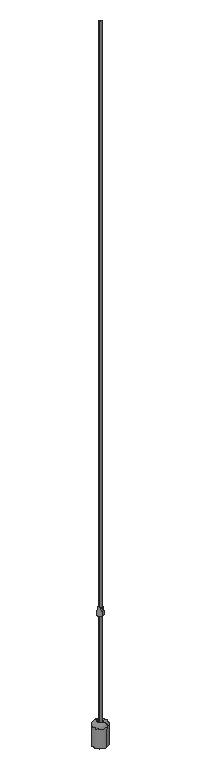
Revit family "Floral 800", category Lighting Fixtures, host Ceiling, Revit 2017
Family settings
  Host = Ceiling
  Round Connector Dimension = Use Diameter
  Part Type = Normal
  OmniClass Number = 23.80.70.11
  OmniClass Title = Luminaries for Internal Lighting
  Always vertical = Yes
  Cut with Voids When Loaded = No
  Light Source = Yes
  Shared = No
  Room Calculation Point = No
Parameters (values of type "Generic")
  Wattage Comments = "110V(US) / 230-240V(EU). Lamp NOT provided."
  Wattage = 6.7321 W
  built-in parameter 1150110 = 1 (stored number, unit not read)
  URL = "https://www.davidtrubridge.com"
  Type Comments = "Ceilig Rose required, contact supplier for options."
  built-in parameter 1114217 = 1 (stored number, unit not read)
  built-in parameter 1150109 = 1 (stored number, unit not read)
  built-in parameter 1150134 = (empty or 0)
  Suspension Top [instance] = Suspension Mid - 400 mm  # 1600 mm
  built-in parameter 1150113 = 1 (stored number, unit not read)
  Model = "Floral 800"
  Manufacturer = "David Trubridge"
  Lumens = 1000 lm
  built-in parameter 1150115 = 1 (stored number, unit not read)
  built-in parameter 1150105 = 79.577 (stored number, unit not read)
  Suspension Mid [instance] = 2000 mm
  Light Source Symbol Size = 100 mm
  built-in parameter 1150137 = (empty or 0)
  built-in parameter 1150139 = (empty or 0)
  Lamp Wattage = 0 W
  built-in parameter 1150112 = 1 (stored number, unit not read)
  built-in parameter 1150114 = 1 (stored number, unit not read)
  Lamp = "E27 / (E26 USA)"
  built-in parameter 1150132 = 2
  built-in parameter 1150102 = (empty or 0)
  built-in parameter 1150138 = (empty or 0)
  built-in parameter 1150107 = 3000 (stored number, unit not read)
  built-in parameter 1150106 = 0.79577 (stored number, unit not read)
  built-in parameter 1150104 = 13.8 (stored number, unit not read)
  Dimming Lamp Color Temperature Shift = <None>
  Description = "Pendant in bamboo plywood. Can be made in a large range of colours. Lamp is not supplied"
  Cordset Finish = Plastic, Opaque White
  Color Filter = 16777215
  built-in parameter 1114218 = 1 (stored number, unit not read)
  built-in parameter 1150133 = 10 (stored number, unit not read)
  Apparent Load = 0 VA
Reference planes
  plane 1 "Light Source Axis (F/B)": y = 0
  plane 2: z = 0
  plane 3 "Light Source Axis (L/R)": x = 0
  plane 4 "Ceiling": z = 4000
  plane 5 "Light Source Elevation": z = 2000
  plane 6 "Top of pendant": z = 2400
  plane 7 "Light Socket": z = 2050
  plane 8 "Outer edge": x = -400
  plane 9 "Outer Edge": x = 400
  plane 10 "Bottom of Pendant": z = 1600
Forms (mm)
  Revolve 1, solid, material "Plastic, Opaque White" <- "Cordset Finish"
    sketch origin (0, 0, -205) x (1, 0, 0) y (0, 0, 1)
      loop
        line (0, 2317) -> (0, 2255) -> (20, 2255) -> (20, 2307)
        arc (20, 2307) -> (17.071, 2314.071) -> (10, 2317) r 10
        line (10, 2317) -> (0, 2317)
      axis (0, 2255) -> (0, 2317)
    angle from 0 to 360
  Extrusion 2, solid, material "Plastic, Opaque White" <- "Cordset Finish"
    sketch origin (0, 0, 3200) x (0, 1, 0) y (-1, 0, 0)
      loop
        circle (0, 0) r 3
    from -800 to 800
  Extrusion 3, solid, material "Plastic, Opaque White" <- "Cordset Finish"
    sketch origin (0, 0, 3200) x (0, 1, 0) y (-1, 0, 0)
      loop
        circle (0, 0) r 3
    from -1150 to -800
  Revolve 4, solid, material "Plastic, Opaque White" <- "Cordset Finish"
    sketch origin (0, 0, -40) x (1, 0, 0) y (0, 0, 1)
      loop
        line (0, 2460) -> (0, 2440) -> (7.5, 2440) -> (5, 2460) -> (0, 2460)
      axis (0, 2440) -> (0, 2460)
    angle from 0 to 360
Dimensions and locks
  equal spacing: host sketch curve, plane 3 "Light Source Axis (L/R)", host sketch curve
  equal spacing: host sketch curve, plane 1 "Light Source Axis (F/B)", host sketch curve
  host sketch curve to host sketch curve = 4000 mm  (x2)
  host ceiling to plane 4 "Ceiling" = 0 mm
  plane 4 "Ceiling" to level = 4000 mm
  "Suspension Mid": plane 5 "Light Source Elevation" to plane 4 "Ceiling"
  locked: plane 5 "Light Source Elevation" to plane 6 "Top of pendant" at 400
  locked: plane 5 "Light Source Elevation" to plane 7 "Light Socket" at 50
  plane 9 "Outer Edge" to plane 8 "Outer edge" = 800 mm
  plane 8 "Outer edge" to plane 9 "Outer Edge" = 800 mm
  locked: plane 10 "Bottom of Pendant" to plane 6 "Top of pendant" at 800
  aligned and locked: plane 3 "Light Source Axis (L/R)" to imposter light
  aligned and locked: plane 1 "Light Source Axis (F/B)" to imposter light
  aligned and locked: plane 5 "Light Source Elevation" to imposter light
  aligned and locked: Extrusion 2 to plane 6 "Top of pendant"
  aligned and locked: Extrusion 3 to Revolve 1
  aligned and locked: plane 7 "Light Socket" to Extrusion 3
  aligned and locked: level to plane 2
  aligned and locked: Extrusion 3 to plane 6 "Top of pendant"
  aligned and locked: Extrusion 2 to plane 4 "Ceiling"
  aligned and locked: import instance to plane 6 "Top of pendant"
Automatic sketch dimensions
  Revolve 1 sketch curve to plane 3 "Light Source Axis (L/R)" = 0 mm
  plane 3 "Light Source Axis (L/R)" to Revolve 1 sketch curve = 0 mm
  plane 3 "Light Source Axis (L/R)" to Revolve 1 sketch curve = 10 mm
  Revolve 1 sketch curve to Revolve 1 sketch curve = 20 mm
  Revolve 1 sketch curve to plane 5 "Light Source Elevation" = 50 mm
  Revolve 1 sketch curve to Revolve 1 sketch curve = 52 mm
  Revolve 1 sketch curve to level = 563.228 mm
  Revolve 1 sketch curve to plane 4 "Ceiling" = 157.185 mm
  plane 1 "Light Source Axis (F/B)" to Extrusion 2 sketch curve = 0 mm
  Extrusion 2 sketch curve to plane 3 "Light Source Axis (L/R)" = 0 mm
  plane 1 "Light Source Axis (F/B)" to Extrusion 3 sketch curve = 0 mm
  Extrusion 3 sketch curve to plane 3 "Light Source Axis (L/R)" = 0 mm
  Revolve 4 sketch curve to plane 3 "Light Source Axis (L/R)" = 0 mm  (x2)
  Revolve 4 sketch curve to plane 6 "Top of pendant" = 0 mm
  plane 3 "Light Source Axis (L/R)" to Revolve 4 sketch curve = 5 mm
  plane 3 "Light Source Axis (L/R)" to Revolve 4 sketch curve = 7.5 mm
  Revolve 4 sketch curve to plane 6 "Top of pendant" = 20 mm
  Revolve 4 sketch curve to level = 344.8 mm
  plane 4 "Ceiling" to Revolve 4 sketch curve = 40 mm
  radius of Extrusion 2 sketch curve = 3 mm
  radius of Extrusion 3 sketch curve = 3 mm
Connectors
  electrical at (0, 0, 4000)
    settings: index 1, voltage 0 V, apparent load 0 VA, apparent load phase1 0 VA, apparent load phase2 0 VA, apparent load phase3 0 VA, power factor 1, load classification "Other", number of poles 1, system type 30, power factor state 0, is connector primary yes, connector utility no, sub classification motor no, connector description ""
